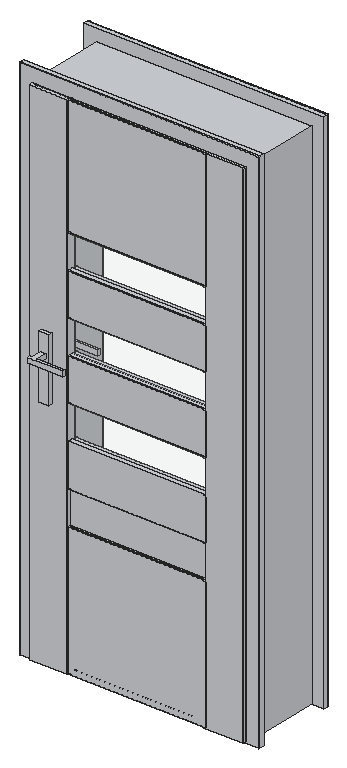
Revit family "porta_koncept_H3_osc_ps", category Drzwi, Revit 2016
Family settings
  Obiekt nadrzędny = Ściana
  Zawsze pionowo = Tak
  Tnij formami wycięć po wczytaniu = Nie
  Współdzielony = Nie
  Punkt obliczania pomieszczeń = Nie
Parameters (values of type "PN 80")
  Zakres szerokości muru [instance] = if(and(Grubość ściany > 94 mm, Grubość ściany < 120 mm), "B", (if(and(Grubość ściany > 119 mm, Grubość ściany < 140 mm), "C", (if(and(Grubość ściany > 139 mm, Grubość ściany < 160 mm), "D", (if(and(Grubość ściany > 159 mm, Grubość ściany < 180 mm), "E", (if(and(Grubość ściany > 179 mm, Grubość ściany < 200 mm), "F", (if(and(Grubość ściany > 199 mm, Grubość ściany < 220 mm), "G", (if(and(Grubość ściany > 219 mm, Grubość ściany < 240 mm), "H", (if(and(Grubość ściany > 239 mm, Grubość ściany < 260 mm), "I", (if(and(Grubość ściany > 259 mm, Grubość ściany < 280 mm), "J", (if(and(Grubość ściany > 279 mm, Grubość ściany < 301 mm), "K", "BRAK")))))))))))))))))))  # "K"
  Wysokość brutto = 2060 mm
  Szerokość brutto = 880 mm
  Model = "Koncept H3"
  Konstrukcja analityczna = "<Brak>"
  Grubość ściany [instance] = 300 mm
  Funkcja = Wewnętrzna
  URL = "www.porta.com.pl"
  Ss = 844 mm
  Sb = 846 mm
  Producent = "PORTA KMI POLAND"
  Keynote = ""
  Description = ""
  Wysokość = 2016 mm
  Zakończenie ściany = Wg obiektu nadrzędnego
  Szerokość = 800 mm
  Materiał_skrzydło [instance] = none
  Materiał_ościeżnica [instance] = none
  Materiał_klamka [instance] = none
  Informacja = "Własność Porta KMI Poland, wszelkie prawa zastrzeżone."  # constant formula
  Hs = 2030 mm
Types (6, lengths in mm): name | Szerokość brutto | Ss | Sb | Description | Szerokość
  PN 70 | 780 | 744 | 746 | "Biblioteki CAD produktów firmy PORTA KMI POLAND wraz z ich wizualizacjami są chronione prawami własności przemysłowej i intelektualnej. Można je wykorzystywać do handlowych celów osobistych poprzez zastosowanie w projektach, jednak nie wolno ich powielać, modyfikować, licencjonować ani publikować, w całości ani w części, chyba że celem przeglądania, bez uprzedniej pisemnej zgody PORTA KMI Poland. www.porta.com.pl" | 700
  PN 60 | 680 | 644 | 646 | "Biblioteki CAD produktów firmy PORTA KMI POLAND wraz z ich wizualizacjami są chronione prawami własności przemysłowej i intelektualnej. Można je wykorzystywać do handlowych celów osobistych poprzez zastosowanie w projektach, jednak nie wolno ich powielać, modyfikować, licencjonować ani publikować, w całości ani w części, chyba że celem przeglądania, bez uprzedniej pisemnej zgody PORTA KMI Poland. www.porta.com.pl" | 600
  PN 80 | 880 | 844 | 846 | "" | 800
  PN 90 | 980 | 944 | 946 | "Biblioteki CAD produktów firmy PORTA KMI POLAND wraz z ich wizualizacjami są chronione prawami własności przemysłowej i intelektualnej. Można je wykorzystywać do handlowych celów osobistych poprzez zastosowanie w projektach, jednak nie wolno ich powielać, modyfikować, licencjonować ani publikować, w całości ani w części, chyba że celem przeglądania, bez uprzedniej pisemnej zgody PORTA KMI Poland. www.porta.com.pl" | 900
  PN 100 | 1080 | 1044 | 1046 | "Biblioteki CAD produktów firmy PORTA KMI POLAND wraz z ich wizualizacjami są chronione prawami własności przemysłowej i intelektualnej. Można je wykorzystywać do handlowych celów osobistych poprzez zastosowanie w projektach, jednak nie wolno ich powielać, modyfikować, licencjonować ani publikować, w całości ani w części, chyba że celem przeglądania, bez uprzedniej pisemnej zgody PORTA KMI Poland. www.porta.com.pl" | 1000
  PN 110 | 1180 | 1144 | 1146 | "Biblioteki CAD produktów firmy PORTA KMI POLAND wraz z ich wizualizacjami są chronione prawami własności przemysłowej i intelektualnej. Można je wykorzystywać do handlowych celów osobistych poprzez zastosowanie w projektach, jednak nie wolno ich powielać, modyfikować, licencjonować ani publikować, w całości ani w części, chyba że celem przeglądania, bez uprzedniej pisemnej zgody PORTA KMI Poland. www.porta.com.pl" | 1100
Reference planes
  plane 1: y = 0
  plane 2 "Środek (Lewa/Prawa)": x = 0
  plane 3 "Lewy": x = -440
  plane 4 "Prawy": x = 440
  plane 5: z = 2060
  plane 6 "Zewnętrzna": y = 150
  plane 7 "Wewnętrzna": y = -150
  plane 8 "skrzydło": y = -144.5
Forms (mm)
  Sweep 1, solid, material <- "Materiał_ościeżnica"
    path in 3D
      loop
        line (-440, -150, 0) -> (-440, -150, 2060) -> (440, -150, 2060) -> (440, -150, 0)
    profile origin (-440, -150, 1030) x (0, -1, 0) y (1, 0, 0)
      loop
        line (-10, 39) -> (-72, 39) -> (-72, 17) -> (0, 17) -> (0, -33) -> (16, -33)
        arc (16, -33) -> (18.121, -32.121) -> (19, -30) r 3
        line (19, -30) -> (19, 24)
        arc (19, 24) -> (18.121, 26.121) -> (16, 27) r 3
        line (16, 27) -> (-10, 27) -> (-10, 39)
  Sweep 2, solid, material <- "Materiał_ościeżnica"
    path in 3D
      loop
        line (440, 150, 0) -> (440, 150, 2060) -> (-440, 150, 2060) -> (-440, 150, 0)
    profile origin (-440, 150, 1030) x (1, 0, 0) y (0, 1, 0)
      loop
        line (-33, 0) -> (17, 0) -> (17, -228) -> (39, -228) -> (39, -1)
        arc (39, -1) -> (37.536, 2.536) -> (34, 4) r 5
        line (34, 4) -> (25, 4) -> (25, 16)
        arc (25, 16) -> (24.121, 18.121) -> (22, 19) r 3
        line (22, 19) -> (-30, 19)
        arc (-30, 19) -> (-32.121, 18.121) -> (-33, 16) r 3
        line (-33, 16) -> (-33, 0)
  Sweep 3, solid, not visible
    path in 3D
      loop
        line (-440, -150, 0) -> (-440, -150, 2060)
    profile origin (-440, -150, 1030) x (0, -1, 0) y (1, 0, 0)
      loop
        line (-151, 17) -> (-149, 17) -> (-149, 19) -> (-151, 19) -> (-151, 17)
Cuts and joins
  joined: Sweep 1, Sweep 2
Lines and regions (mm)
  Opening 1
    outline origin (-3050, -150, 0) x (1, 0, 0) y (0, 0, 1)
      loop
        line (2610, 0) -> (3490, 0) -> (3490, 2060) -> (2610, 2060) -> (2610, 0)
  sketch lines
    curve 1: line (-440, -150, 0) -> (-440, -150, 2060)
    curve 2: line (-440, -150, 2060) -> (440, -150, 2060)
    curve 3: line (440, -150, 2060) -> (440, -150, 0)
    curve 4: line (-440, 150, 2060) -> (-440, 150, 0)
    curve 5: line (440, 150, 2060) -> (-440, 150, 2060)
    curve 6: line (440, 150, 0) -> (440, 150, 2060)
    curve 12: line (-440, -150, 0) -> (-440, -150, 2060)
  symbolic lines, style "DoorsPanelProjection"
    curve 7: line (422, -150, 0) -> (422, -994, 0)
    curve 8: line (422, -994, 0) -> (382, -994, 0)
    curve 9: line (382, -994, 0) -> (382, -150, 0)
    curve 10: line (382, -150, 0) -> (422, -150, 0)
  symbolic lines, style "Ugięcie rzutu"
    curve 11: arc (-422, -150, 0) -> (-174.798, -746.798, 0) -> (422, -994, 0) r 844
Text (mm)
  text "Zewnętrzna" at (-2295.016, 1099.543, 0), in view "Poziom odniesienia"
  text "Zewnętrzna" at (0, 1615.38, 3698.081), in view "Lewy"
  text "Zewnętrzna" at (0, 1036.032, 3874.932), in view "Prawy"
Dimensions and locks
  equal spacing: plane 3 "Lewy", plane 2 "Środek (Lewa/Prawa)", plane 4 "Prawy"
  "Szerokość brutto": plane 3 "Lewy" to plane 4 "Prawy"
  "Wysokość brutto": plane 5 to host wall
  host wall to plane 5 = 2060 mm  (x2)
  locked: plane 6 "Zewnętrzna" to host wall at 0
  locked: plane 7 "Wewnętrzna" to host wall
  "Sb": Sweep 1 to Sweep 1
  locked: Sweep 1 sketch curve to Sweep 1 sketch curve at 22
  Sweep 1 sketch curve to Sweep 1 sketch curve = 50 mm
  locked: Sweep 1 sketch curve to profile plane at 72
  locked: Sweep 2 sketch curve to Sweep 2 sketch curve at 50
  locked: Sweep 2 sketch curve to Sweep 2 sketch curve at 22
  locked: Sweep 2 sketch curve to plane 6 "Zewnętrzna" at 1
  locked: curve 9 to curve 7 at 40
  "Ss": curve 8 to curve 10
  equal spacing: curve 11, plane 2 "Środek (Lewa/Prawa)", curve 7
  locked: plane 7 "Wewnętrzna" to plane 8 "skrzydło" at 5.5
  locked: host wall to Sweep 3 sketch curve at 1
  locked: Sweep 3 sketch curve to host wall at 1
  locked: Sweep 3 sketch curve to plane 6 "Zewnętrzna" at 151
  locked: plane 7 "Wewnętrzna" to Sweep 3 sketch curve at 151
  equal spacing: nested 1, plane 2 "Środek (Lewa/Prawa)", nested 1
  locked: nested 1 to level at 8
  "Grubość ściany": host wall to host wall
  aligned and locked: plane 3 "Lewy" to Opening 1 sketch curve
  aligned and locked: plane 5 to Opening 1 sketch curve  (x2)
  aligned and locked: Opening 1 sketch curve to plane 4 "Prawy"
  aligned and locked: Opening 1 sketch curve to level
  aligned and locked: plane 1 to host wall
  aligned and locked: Sweep 1 to Sweep 2 sketch curve
  aligned and locked: plane 7 "Wewnętrzna" to curve 10
  aligned and locked: Sweep 3 sketch curve to cut or joined group of Sweep 1, Sweep 2
  aligned and locked: Sweep 2 sketch curve to cut or joined group of Sweep 1, Sweep 2
  aligned and locked: nested 1 to plane 8 "skrzydło"
Automatic sketch dimensions
  profile plane to Sweep 1 sketch curve = 10 mm
  Sweep 1 sketch curve to profile plane = 16 mm  (x2)
  Sweep 1 sketch curve to Sweep 1 sketch curve = 3 mm
  profile plane to Sweep 1 sketch curve = 17 mm
  Sweep 1 sketch curve to Sweep 1 sketch curve = 7 mm
  Sweep 1 sketch curve to profile plane = 0 mm
  Sweep 2 sketch curve to profile plane = 0 mm
  Sweep 2 sketch curve to profile plane = 16 mm
  Sweep 2 sketch curve to Sweep 2 sketch curve = 3 mm
  Sweep 2 sketch curve to Sweep 2 sketch curve = 5 mm
  Sweep 2 sketch curve to profile plane = 4 mm
  Sweep 2 sketch curve to Sweep 2 sketch curve = 8 mm
  curve 11 to host wall = 0 mm
  Sweep 3 sketch curve to Sweep 3 sketch curve = 2 mm
Nested families
  nested 1: "skrzydło" at (0, -151, 0), Materiał_klamka <- "Materiał_klamka", Materiał_skrzydło <- "Materiał_skrzydło", type "skrzydło"
    with Materiał_skrzydło none, Materiał_klamka none
Definition of nested family "skrzydło"
  Parameters
    Ss = 844 mm
    Materiał_skrzydło [instance] = none
    Materiał_klamka [instance] = none
    Hs = 2030 mm
  Reference planes
    plane 1 "Tył": y = 6.5
    plane 2: z = 0
    plane 3 "Środek (Lewa/Prawa)": x = 0
    plane 4 "Lewa": x = -422
    plane 5 "Prawa": x = 422
    plane 6 "Przód": y = -33.5
    plane 7: z = 2038
    plane 8 "Centrum": y = -13.5
    plane 9: x = -409
    plane 10: z = 8
    plane 11: x = 409
    plane 12: x = -272
    plane 13: x = 272
    plane 14: z = 2025
  Forms (mm)
    Extrusion 1, solid, material <- "Materiał_skrzydło"
      sketch origin (-1191.728, -1524, 8) x (-1, 0, 0) y (0, -1, 0)
        loop
          line (-1465.378, -1490.5) -> (-1612.078, -1490.5)
          arc (-1612.078, -1490.5) -> (-1613.244, -1490.983) -> (-1613.728, -1492.15) r 1.65
          line (-1613.728, -1492.15) -> (-1613.728, -1501.85)
          arc (-1613.728, -1501.85) -> (-1613.244, -1503.017) -> (-1612.078, -1503.5) r 1.65
          line (-1612.078, -1503.5) -> (-1602.078, -1503.5)
          arc (-1602.078, -1503.5) -> (-1601.123, -1503.895) -> (-1600.728, -1504.85) r 1.35
          line (-1600.728, -1504.85) -> (-1600.728, -1528.85)
          arc (-1600.728, -1528.85) -> (-1600.244, -1530.017) -> (-1599.078, -1530.5) r 1.65
          line (-1599.078, -1530.5) -> (-1465.378, -1530.5)
          arc (-1465.378, -1530.5) -> (-1464.211, -1530.017) -> (-1463.728, -1528.85) r 1.65
          line (-1463.728, -1528.85) -> (-1463.728, -1492.15)
          arc (-1463.728, -1492.15) -> (-1464.211, -1490.983) -> (-1465.378, -1490.5) r 1.65
      from 0 to 2030
    Extrusion 2, void
      sketch origin (0, 0, 0) x (0, -1, 0) y (0, 0, 1)
        loop
          line (-6.5, 2025) -> (20.5, 2025) -> (20.5, 2038) -> (-6.5, 2038) -> (-6.5, 2025)
      from -422 to 422
    Extrusion 3, solid, material <- "Materiał_skrzydło"
      sketch origin (0, 0, 0) x (0, 1, 0) y (0, 0, 1)
        loop
          line (4, 1568.15) -> (4, 2023.35)
          arc (4, 2023.35) -> (3.517, 2024.517) -> (2.35, 2025) r 1.65
          line (2.35, 2025) -> (-19.15, 2025)
          arc (-19.15, 2025) -> (-20.105, 2025.395) -> (-20.5, 2026.35) r 1.35
          line (-20.5, 2026.35) -> (-20.5, 2036.35)
          arc (-20.5, 2036.35) -> (-20.983, 2037.517) -> (-22.15, 2038) r 1.65
          line (-22.15, 2038) -> (-29.35, 2038)
          arc (-29.35, 2038) -> (-30.517, 2037.517) -> (-31, 2036.35) r 1.65
          line (-31, 2036.35) -> (-31, 1568.15)
          arc (-31, 1568.15) -> (-30.517, 1566.983) -> (-29.35, 1566.5) r 1.65
          line (-29.35, 1566.5) -> (2.35, 1566.5)
          arc (2.35, 1566.5) -> (3.517, 1566.983) -> (4, 1568.15) r 1.65
        loop
          line (2.35, 529.5) -> (-29.35, 529.5)
          arc (-29.35, 529.5) -> (-30.517, 529.017) -> (-31, 527.85) r 1.65
          line (-31, 527.85) -> (-31, 9.65)
          arc (-31, 9.65) -> (-30.517, 8.483) -> (-29.35, 8) r 1.65
          line (-29.35, 8) -> (-25, 8)
          arc (-25, 8) -> (-23.833, 8.483) -> (-23.35, 9.65) r 1.65
          arc (-23.35, 9.65) -> (-22.955, 10.605) -> (-22, 11) r 1.35
          line (-22, 11) -> (-5, 11)
          arc (-5, 11) -> (-4.045, 10.605) -> (-3.65, 9.65) r 1.35
          arc (-3.65, 9.65) -> (-3.167, 8.483) -> (-2, 8) r 1.65
          line (-2, 8) -> (2.35, 8)
          arc (2.35, 8) -> (3.517, 8.483) -> (4, 9.65) r 1.65
          line (4, 9.65) -> (4, 527.85)
          arc (4, 527.85) -> (3.517, 529.017) -> (2.35, 529.5) r 1.65
        loop
          line (2.35, 831.25) -> (-29.35, 831.25)
          arc (-29.35, 831.25) -> (-30.517, 830.767) -> (-31, 829.6) r 1.65
          line (-31, 829.6) -> (-31, 662.9)
          arc (-31, 662.9) -> (-30.517, 661.733) -> (-29.35, 661.25) r 1.65
          line (-29.35, 661.25) -> (2.35, 661.25)
          arc (2.35, 661.25) -> (3.517, 661.733) -> (4, 662.9) r 1.65
          line (4, 662.9) -> (4, 829.6)
          arc (4, 829.6) -> (3.517, 830.767) -> (2.35, 831.25) r 1.65
        loop
          line (2.35, 1133) -> (-29.35, 1133)
          arc (-29.35, 1133) -> (-30.517, 1132.517) -> (-31, 1131.35) r 1.65
          line (-31, 1131.35) -> (-31, 964.65)
          arc (-31, 964.65) -> (-30.517, 963.483) -> (-29.35, 963) r 1.65
          line (-29.35, 963) -> (2.35, 963)
          arc (2.35, 963) -> (3.517, 963.483) -> (4, 964.65) r 1.65
          line (4, 964.65) -> (4, 1131.35)
          arc (4, 1131.35) -> (3.517, 1132.517) -> (2.35, 1133) r 1.65
        loop
          line (2.35, 1434.75) -> (-29.35, 1434.75)
          arc (-29.35, 1434.75) -> (-30.517, 1434.267) -> (-31, 1433.1) r 1.65
          line (-31, 1433.1) -> (-31, 1266.4)
          arc (-31, 1266.4) -> (-30.517, 1265.233) -> (-29.35, 1264.75) r 1.65
          line (-29.35, 1264.75) -> (2.35, 1264.75)
          arc (2.35, 1264.75) -> (3.517, 1265.233) -> (4, 1266.4) r 1.65
          line (4, 1266.4) -> (4, 1433.1)
          arc (4, 1433.1) -> (3.517, 1434.267) -> (2.35, 1434.75) r 1.65
      from -272 to 272
    Extrusion 4, solid
      sketch origin (-892.016, -13.5, 1200) x (-1, 0, 0) y (0, 0, 1)
        loop
          line (-620.016, 366.5) -> (-1164.016, 366.5) -> (-1164.016, 234.75) -> (-620.016, 234.75) -> (-620.016, 366.5)
      from -2 to 2
    Extrusion 5, solid
      sketch origin (-892.016, -13.5, 1200) x (-1, 0, 0) y (0, 0, 1)
        loop
          line (-620.016, -67) -> (-620.016, 64.75) -> (-1164.016, 64.75) -> (-1164.016, -67) -> (-620.016, -67)
      from -2 to 2
    Extrusion 6, solid
      sketch origin (-892.016, -13.5, 1200) x (-1, 0, 0) y (0, 0, 1)
        loop
          line (-620.016, -237) -> (-1164.016, -237) -> (-1164.016, -368.75) -> (-620.016, -368.75) -> (-620.016, -237)
      from -2 to 2
    Extrusion 7, solid, material <- "Materiał_skrzydło"
      sketch origin (-892.016, -13.5, 1200) x (-1, 0, 0) y (0, 0, 1)
        loop
          line (-620.016, -538.75) -> (-1164.016, -538.75) -> (-1164.016, -670.5) -> (-620.016, -670.5) -> (-620.016, -538.75)
      from -6 to 6
    Extrusion 8, solid, material <- "Materiał_skrzydło"
      sketch origin (-1191.728, -1524, 8) x (-1, 0, 0) y (0, -1, 0)
        loop
          arc (-918.078, -1490.5) -> (-919.244, -1490.983) -> (-919.728, -1492.15) r 1.65
          line (-919.728, -1492.15) -> (-919.728, -1528.85)
          arc (-919.728, -1528.85) -> (-919.244, -1530.017) -> (-918.078, -1530.5) r 1.65
          line (-918.078, -1530.5) -> (-784.378, -1530.5)
          arc (-784.378, -1530.5) -> (-783.211, -1530.017) -> (-782.728, -1528.85) r 1.65
          line (-782.728, -1528.85) -> (-782.728, -1504.85)
          arc (-782.728, -1504.85) -> (-782.332, -1503.895) -> (-781.378, -1503.5) r 1.35
          line (-781.378, -1503.5) -> (-771.378, -1503.5)
          arc (-771.378, -1503.5) -> (-770.211, -1503.017) -> (-769.728, -1501.85) r 1.65
          line (-769.728, -1501.85) -> (-769.728, -1492.15)
          arc (-769.728, -1492.15) -> (-770.211, -1490.983) -> (-771.378, -1490.5) r 1.65
          line (-771.378, -1490.5) -> (-918.078, -1490.5)
      from 0 to 2030
  Cuts and joins
    Extrusion 2 cuts Extrusion 1
    Extrusion 2 cuts Extrusion 8
  Dimensions and locks
    equal spacing: plane 4 "Lewa", plane 3 "Środek (Lewa/Prawa)", plane 5 "Prawa"
    "Ss": plane 4 "Lewa" to plane 5 "Prawa"
    locked: plane 4 "Lewa" to plane 9 at 13
    locked: plane 10 to level at 8
    "Hs": plane 7 to plane 10
    locked: plane 5 "Prawa" to plane 11 at 13
    locked: plane 9 to nested 1 at 35
    locked: nested 1 to plane 10 at 934
    locked: plane 10 to nested 2 at 934
    equal spacing: plane 6 "Przód", plane 8 "Centrum", plane 1 "Tył"
    locked: plane 7 to plane 14 at 13
    locked: plane 12 to plane 4 "Lewa" at 150
    locked: plane 5 "Prawa" to plane 13 at 150
    locked: plane 1 "Tył" to Extrusion 2 sketch curve at 27
    aligned and locked: nested 1 to plane 6 "Przód"
    aligned and locked: plane 5 "Prawa" to Extrusion 1 sketch curve
    aligned and locked: Extrusion 1 sketch curve to plane 11
    aligned and locked: Extrusion 1 sketch curve to plane 1 "Tył"
    aligned and locked: Extrusion 1 sketch curve to plane 6 "Przód"
    aligned and locked: Extrusion 1 sketch curve to plane 13
    aligned and locked: plane 7 to Extrusion 1
    aligned and locked: Extrusion 2 sketch curve to plane 14
    aligned and locked: Extrusion 2 sketch curve to plane 1 "Tył"
    aligned and locked: plane 7 to Extrusion 2 sketch curve
    aligned and locked: Extrusion 2 to plane 4 "Lewa"
    aligned and locked: plane 5 "Prawa" to Extrusion 2
    aligned and locked: Extrusion 3 to plane 12
    aligned and locked: plane 13 to Extrusion 3
    aligned and locked: plane 12 to Extrusion 4 sketch curve
    aligned and locked: plane 13 to Extrusion 4 sketch curve
    aligned and locked: Extrusion 3 to Extrusion 5 sketch curve  (x2)
    aligned and locked: plane 12 to Extrusion 6 sketch curve
    aligned and locked: plane 13 to Extrusion 6 sketch curve
    aligned and locked: plane 12 to Extrusion 7 sketch curve
    aligned and locked: plane 13 to Extrusion 7 sketch curve
    aligned and locked: plane 4 "Lewa" to Extrusion 8 sketch curve
    aligned and locked: Extrusion 8 sketch curve to plane 12
    aligned and locked: plane 7 to Extrusion 8
    aligned and locked: nested 2 to nested 1
  Automatic sketch dimensions
    Extrusion 1 sketch curve to Extrusion 1 sketch curve = 1.65 mm  (x4)
    Extrusion 1 sketch curve to Extrusion 1 sketch curve = 1.35 mm
    Extrusion 1 sketch curve to Extrusion 1 sketch curve = 10 mm
    plane 1 "Tył" to Extrusion 1 sketch curve = 25.65 mm
    Extrusion 3 sketch curve to plane 7 = 0 mm
    Extrusion 3 sketch curve to plane 10 = 0 mm  (x2)
    Extrusion 3 sketch curve to plane 14 = 0 mm
    plane 6 "Przód" to Extrusion 3 sketch curve = 2.5 mm  (x5)
    plane 10 to Extrusion 3 sketch curve = 1.65 mm  (x3)
    Extrusion 3 sketch curve to Extrusion 3 sketch curve = 1.65 mm  (x15)
    Extrusion 3 sketch curve to Extrusion 3 sketch curve = 4.35 mm
    Extrusion 3 sketch curve to Extrusion 3 sketch curve = 0 mm  (x2)
    Extrusion 3 sketch curve to Extrusion 3 sketch curve = 7.2 mm
    Extrusion 3 sketch curve to Extrusion 3 sketch curve = 1.35 mm  (x2)
    plane 8 "Centrum" to Extrusion 3 sketch curve = 8.5 mm
    plane 1 "Tył" to Extrusion 3 sketch curve = 4.15 mm  (x9)
    Extrusion 3 sketch curve to plane 14 = 1.65 mm
    Extrusion 3 sketch curve to Extrusion 3 sketch curve = 516.85 mm
    Extrusion 3 sketch curve to Extrusion 3 sketch curve = 131.75 mm  (x4)
    Extrusion 3 sketch curve to Extrusion 3 sketch curve = 166.7 mm  (x3)
    Extrusion 4 sketch curve to Extrusion 4 sketch curve = 131.75 mm
    Extrusion 4 sketch curve to plane 7 = 471.5 mm
    Extrusion 5 sketch curve to plane 7 = 773.25 mm
    Extrusion 5 sketch curve to Extrusion 5 sketch curve = 131.75 mm
    plane 10 to Extrusion 6 sketch curve = 823.25 mm
    Extrusion 6 sketch curve to Extrusion 6 sketch curve = 131.75 mm
    plane 10 to Extrusion 7 sketch curve = 521.5 mm
    Extrusion 7 sketch curve to Extrusion 7 sketch curve = 131.75 mm
    Extrusion 8 sketch curve to Extrusion 8 sketch curve = 1.65 mm  (x4)
    Extrusion 8 sketch curve to Extrusion 8 sketch curve = 1.35 mm
    Extrusion 8 sketch curve to Extrusion 8 sketch curve = 10 mm
    Extrusion 8 sketch curve to Extrusion 8 sketch curve = 0 mm
    plane 6 "Przód" to Extrusion 8 sketch curve = 40 mm
    Extrusion 8 sketch curve to Extrusion 8 sketch curve = 24 mm
    Extrusion 8 sketch curve to Extrusion 8 sketch curve = 9.7 mm
  Nested families
    nested 1: "KLAMKA" at (-354, -33.5, 1067), Materiał klamki <- "Materiał_klamka", type "KLAMKA"
      with Materiał klamki none
    nested 2: "KLAMKA" at (-354, 6.5, 1067), Materiał klamki <- "Materiał_klamka", type "KLAMKA"
      with Materiał klamki none
  Definition of nested family "KLAMKA"
    Parameters
      Materiał klamki [instance] = none
      Assembly Code = ""
      Default Elevation = 1219.2 mm
    Reference planes
      plane 1 "Center (Front/Back)": y = 0
      plane 2: z = 0
      plane 3 "Center (Left/Right)": x = 0
      plane 4: z = 125
      plane 5: z = -125
      plane 6: x = 20
      plane 7: x = -20
      plane 8: y = -70
      plane 9: y = -60
      plane 10: x = 10
      plane 11: x = -10
      plane 12: x = 120
      plane 13: z = 35
      plane 14: z = 55
      plane 15: y = -15
    Forms (mm)
      Extrusion 1, solid, material <- "Materiał klamki"
        sketch origin (0, 0, 0) x (1, 0, 0) y (0, 0, 1)
          loop
            line (-20, 125) -> (-20, -125) -> (20, -125) -> (20, 125) -> (-20, 125)
        from 0 to 15
      Extrusion 2, solid, material <- "Materiał klamki"
        sketch origin (0, 0, 0) x (1, 0, 0) y (0, 1, 0)
          loop
            line (-10, -15) -> (-10, -60) -> (-20, -60) -> (-20, -70) -> (120, -70) -> (120, -60) -> (10, -60) -> (10, -15) -> (-10, -15)
        from 35 to 55
    Dimensions and locks
      equal spacing: plane 4, plane 2, plane 5
      plane 4 to plane 5 = 250 mm
      equal spacing: plane 7, plane 3 "Center (Left/Right)", plane 6
      plane 7 to plane 6 = 40 mm
      plane 8 to plane 1 "Center (Front/Back)" = 70 mm
      plane 11 to plane 3 "Center (Left/Right)" to plane 10 = 10 mm locked, 10 mm locked
      plane 7 to plane 12 = 140 mm
      plane 15 to plane 1 "Center (Front/Back)" = 15 mm
      aligned and locked: plane 7 to Extrusion 1 sketch curve
      aligned and locked: Extrusion 1 sketch curve to plane 4
      aligned and locked: plane 5 to Extrusion 1 sketch curve
      aligned and locked: Extrusion 1 sketch curve to plane 6
      aligned and locked: plane 15 to Extrusion 1
      aligned and locked: Extrusion 1 to plane 1 "Center (Front/Back)"
      aligned and locked: plane 14 to Extrusion 2
      aligned and locked: Extrusion 2 to plane 13
    Automatic sketch dimensions
      Extrusion 2 sketch curve to plane 7 = 0 mm
      Extrusion 2 sketch curve to plane 9 = 0 mm  (x2)
      Extrusion 2 sketch curve to plane 11 = 0 mm
      Extrusion 2 sketch curve to plane 10 = 0 mm
      Extrusion 2 sketch curve to plane 12 = 0 mm
      Extrusion 2 sketch curve to plane 8 = 0 mm
      Extrusion 2 sketch curve to plane 15 = 0 mm
